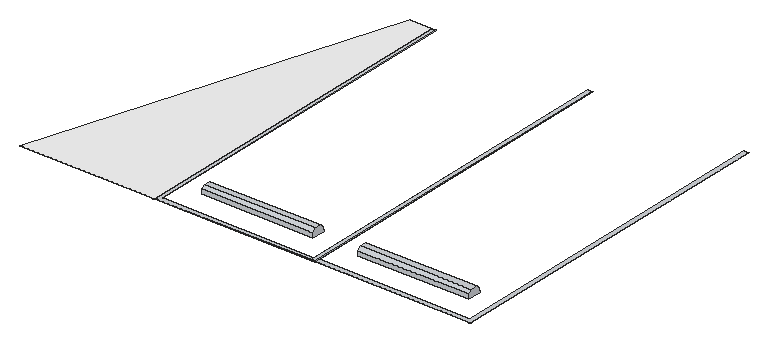
Revit family "321723 - Pavement Markings - Parking - Angled", category Parking, Revit 2020
Family settings
  Work Plane-Based = No
  Always vertical = Yes
  Cut with Voids When Loaded = No
  Shared = No
Parameters (values of type "PARKING")
  run [instance] = 19' - 0"
  Width_Host = 9' - 0"
  Single_Parking_Visiblity [instance] = Parking_Count = 1  # no
  Parking_Count [instance] = if((run / Offset) < 2, 1, (run / Offset))  # 2
  Parking_Calculation [instance] = if((run / Offset) < 2, 2, (run / Offset))  # 2
  Parking Strip Width = 0' - 3"
  Parking Divider Visibility = yes
  Parking Divider Material = none
  Offset [instance] = Width_Host / sin(Angle_Host)  # 9' - 0"
  Multiple_Parking_Visiblity [instance] = Parking_Count > 1  # yes
  Length_Host = 20' - 0"
  Divider Offset - Sides = 1' - 2"
  Divider Offset - Ends = 2' - 0"
  Angle_Host = 90.00°
  Angle of Aisle [instance] = 72.00°
  Aisle Width [instance] = 8' - 0"
  Aisle Visibility [instance] = yes
  Aisle Material = ADA AISLE
  ADA Person Visibility = no
  Half Parking Strip Width = Parking Strip Width / 2  # 0' - 1 1/2"
Types (5): name | run | Width_Host | Single_Parking_Visiblity | Parking_Count | Parking_Calculation | Parking Strip Width | Parking Divider Visibility | Offset | Multiple_Parking_Visiblity | Divider Offset - Sides | Divider Offset - Ends | Angle_Host | Angle of Aisle | Aisle Width | ADA Person Visibility | Half Parking Strip Width
  BIKE | 46' - 4.22888" | 4' - 0" | no | 12 | 12 | 0' - 4" | no | 4' - 0" | yes | 0' - 6" | 0' - 3" | 90.00° | 76.6925° | 9' - 4" | no | 0' - 2"
  ANGLED | 46' - 4.22888" | 9' - 0" | no | 4 | 4 | 0' - 4" | yes | 10' - 4.70766" | yes | 1' - 2" | 0' - 6" | 60.00° | 76.6925° | 9' - 4" | no | 0' - 2"
  PARKING | 19' - 0" | 9' - 0" | no | 2 | 2 | 0' - 3" | yes | 9' - 0" | yes | 1' - 2" | 2' - 0" | 90.00° | 72.00° | 8' - 0" | no | 0' - 1 1/2"
  ADA STALL | 46' - 4.22888" | 9' - 0" | no | 5 | 5 | 0' - 3" | yes | 9' - 0" | yes | 1' - 2" | 2' - 0" | 90.00° | 72.00° | 8' - 0" | yes | 0' - 1 1/2"
  ADA STALL - VAN | 11' - 0" | 11' - 0" | yes | 1 | 2 | 0' - 3" | yes | 11' - 0" | no | 2' - 0" | 2' - 0" | 90.00° | 72.00° | 8' - 0" | yes | 0' - 1 1/2"
Reference planes (in)
  plane 1 "Center (Front/Back)": y = 0
  plane 2: z = 0
  plane 3 "Center (Left/Right)": x = 0
  plane 4: x = 228
  plane 5: x = -93
  plane 6: x = 1.5
  plane 7: x = 3
Forms (in)
  Extrusion 1, solid, material "ADA AISLE" <- "Aisle Material", visible <- "Aisle Visibility"
    sketch origin (0, 0, 0) x (1, 0, 0) y (0, 1, 0)
      loop
        line (-93, 0) -> (0, 0) -> (0, 240) -> (-15.01927, 240) -> (-93, 0)
    from 0 to 0.125
Lines and regions (in)
  reference lines
    curve 1: line (46.89605, 0, 0) -> (108, 0, 0)
    curve 2: line (108, 0, 0) -> (108, 240, 0)
    curve 3: line (0, 0, 0) -> (0, 240, 0)
    curve 4: line (-93, 0, 0) -> (-15.01927, 240, 0)
    curve 5: line (-93, 240, 0) -> (228, 240, 0)
    curve 6: line (0, 0, 0) -> (-93, 0, 0)
Dimensions and locks (in)
  "Offset": plane 3 "Center (Left/Right)" to nested 2
  "Length_Host": curve 2 to curve 2
  "run": plane 3 "Center (Left/Right)" to plane 4
  group 1 to group 2 = 9' - 0"
  group 1 to group 2 = 0' - 0"  (x2)
  "Length_Host": curve 3 to curve 3
  "Width_Host": curve 2 to curve 3
  "Half Parking Strip Width": plane 3 "Center (Left/Right)" to plane 6
  "Aisle Width": plane 5 to plane 7
  "Parking Strip Width": plane 3 "Center (Left/Right)" to plane 7
  nested 3 to nested 3 = 6' - 5"
  "Angle_Host": angle plane 1 "Center (Front/Back)" to curve 2
  "Angle_Host": angle curve 1 to curve 2
  "Angle_Host": angle curve 1 to curve 3
  "Angle of Aisle": angle plane 1 "Center (Front/Back)" to curve 4
  aligned and locked: plane 2 to level
  aligned and locked: plane 1 "Center (Front/Back)" to Extrusion 1
  aligned and locked: curve 3 to Extrusion 1 sketch curve
  aligned and locked: plane 1 "Center (Front/Back)" to nested 2
  aligned and locked: Extrusion 1 sketch curve to curve 3
  aligned and locked: Extrusion 1 sketch curve to curve 4
  aligned and locked: curve 5 to Extrusion 1
  aligned and locked: plane 5 to curve 5
  aligned and locked: plane 4 to curve 5
  aligned and locked: curve 5 to curve 4
  aligned and locked: plane 5 to curve 6
  aligned and locked: plane 3 "Center (Left/Right)" to curve 6
  aligned and locked: curve 6 to plane 1 "Center (Front/Back)"
Automatic sketch dimensions
  plane 1 "Center (Front/Back)" to Extrusion 1 sketch curve = 0' - 0"
Nested families (in)
  nested 1: "Single Angular Parking Stripe" at (0, 0, 0), visible <- "Multiple_Parking_Visiblity", type "1st Type"
  nested 2: "Single Angular Parking Stripe" at (108, 0, 0), visible <- "Multiple_Parking_Visiblity", type "1st Type"
  nested 3: "Single Angular Parking Stripe" at (0, 0, 0), visible <- "Single_Parking_Visiblity", type "1st Type"
Definition of nested family "Single Angular Parking Stripe"
  Parameters (values of type "1st Type")
    lenght of stall = 20' - 0"
    Width of Parking Stripe = 0' - 3"
    Width of Parking = 10' - 0"
    Parking Divider Visibility = yes
    Parking Divider Material = none
    Half Width of Parking Stripe = Width of Parking Stripe / 2  # 0' - 1 1/2"
    Divider Offset - Sides = 0' - 6"
    Divider Offset - Ends = 0' - 6"
    Default Elevation = 0' - 0"
    Angle of Parking = 60.00°
    ADA Person Visibility = yes
  Reference planes (in)
    plane 1 "Center (Front/Back)": y = 0
    plane 2: z = 0
    plane 3 "Center (Left/Right)": x = 0
    plane 4: y = 3
    plane 5: x = 47.76102
    plane 6: y = 23
  Forms (in)
    Extrusion 1, solid
      sketch origin (186, 0, 0) x (1, 0, 0) y (0, 1, 0)
        loop
          line (-66, 207.8461) -> (-186, 0) -> (-43.97183, 0) -> (76.02817, 207.8461) -> (73.43009, 209.3461) -> (-45.70388, 3) -> (-180.80385, 3) -> (-63.40192, 206.3461) -> (-66, 207.8461)
      from 0 to 0.125
    Sweep 2, solid, material <- "Parking Divider Material", visible <- "Parking Divider Visibility"
      path origin (181.87072, -46.43604, 0.125) x (1, 0, 0) y (0, 1, 0)
        loop
          line (-135.56945, 108.63219) -> (-44.63679, 56.13219)
      profile origin (91.7676, 35.94615, 0.125) x (0.5, 0.866025, 0) y (0, 0, 1)
        loop
          line (4.5, 0) -> (4.25, 3) -> (2.25, 5) -> (-2.25, 5) -> (-4.25, 3) -> (-4.5, 0) -> (4.5, 0)
  Lines and regions (in)
    reference lines
      curve 1: line (0, 0, 0) -> (120, 207.8461, 0)
      curve 2: line (3.4641, 0, 0) -> (122.59808, 206.3461, 0)
      curve 3: line (142.02817, 0, 0) -> (262.02817, 207.8461, 0)
      curve 4: line (138.56406, 0, 0) -> (259.43009, 209.3461, 0)
      curve 5: line (120, 207.8461, 0) -> (122.59808, 206.3461, 0)
      curve 6: line (259.43009, 209.3461, 0) -> (262.02817, 207.8461, 0)
      curve 7: line (0, 0, 0) -> (142.02817, 0, 0)
      curve 29: line (145.02817, 5.19615, 0.125) -> (38.50704, 66.69615, 0.125)
      curve 30: line (10.3923, 0, 0) -> (130.3923, 207.8461, 0)
      curve 31: line (131.63586, 0, 0) -> (251.63586, 207.8461, 0)
    model lines, not visible
      curve 8: arc (42.22609, 113.91421, 0.47848) -> (46.99466, 116.26119, 0.47848) -> (44.79484, 111.42297, 0.47848) r 2.82214
      curve 9: arc (55.62195, 85.90388, 0.47848) -> (38.29942, 84.52754, 0.47848) -> (40.50207, 101.76449, 0.47848) r 11.19395
      curve 10: arc (54.60605, 88.40356, 0.47848) -> (40.83303, 85.10242, 0.47848) -> (40.66288, 99.2645, 0.47848) r 9.06187
      curve 11: line (44.79484, 111.42297, 0.47848) -> (45.08523, 103.16126, 0.47848)
      curve 12: line (45.08523, 103.16126, 0.47848) -> (50.50315, 103.16126, 0.47848)
      curve 13: line (50.50315, 103.16126, 0.47848) -> (50.50315, 100.67384, 0.47848)
      curve 14: line (40.66288, 99.2645, 0.47848) -> (40.50207, 101.76449, 0.47848)
      curve 15: line (50.50315, 100.67384, 0.47848) -> (45.18187, 100.67384, 0.47848)
      curve 16: line (45.18187, 100.67384, 0.47848) -> (45.31396, 98.06079, 0.47848)
      curve 17: line (45.31396, 98.06079, 0.47848) -> (54.96654, 98.06079, 0.47848)
      curve 18: line (54.96654, 98.06079, 0.47848) -> (59.79227, 86.28295, 0.47848)
      curve 19: line (59.79227, 86.28295, 0.47848) -> (62.36945, 87.34122, 0.47848)
      curve 20: line (62.36945, 87.34122, 0.47848) -> (63.31431, 85.04024, 0.47848)
      curve 21: line (63.31431, 85.04024, 0.47848) -> (58.43437, 83.03638, 0.47848)
      curve 22: line (58.43437, 83.03638, 0.47848) -> (53.29759, 95.57337, 0.47848)
      curve 23: line (53.29759, 95.57337, 0.47848) -> (42.9213, 95.57337, 0.47848)
      curve 24: line (42.9213, 95.57337, 0.47848) -> (42.19757, 114.20215, 0.47848)
      curve 25: line (55.62195, 85.90388, 0.47848) -> (54.60605, 88.40356, 0.47848)
    model lines
      curve 26: line (121.29904, 207.0961, 0.125) -> (2.59808, 1.5, 0.125)
      curve 27: line (2.59808, 1.5, 0.125) -> (141.16214, 1.5, 0.125)
      curve 28: line (141.16214, 1.5, 0.125) -> (260.72913, 208.5961, 0.125)
  Dimensions and locks (in)
    "Width of Parking Stripe": plane 4 to plane 1 "Center (Front/Back)"
    Extrusion 1 to Extrusion 1 = 10' - 0"
    "Width of Parking Stripe": curve 2 to curve 1
    "Width of Parking": curve 4 to curve 1
    "lenght of stall": curve 7 to curve 5
    "lenght of stall": curve 7 to curve 6
    "Width of Parking Stripe": curve 3 to curve 4
    locked: nested 1 to curve 5 at 48
    equal spacing: Extrusion 1, curve 26, Extrusion 1
    equal spacing: Extrusion 1, curve 27, Extrusion 1
    equal spacing: Extrusion 1, curve 28, Extrusion 1
    plane 1 "Center (Front/Back)" to plane 6 = 1' - 11"
    "Divider Offset - Ends": curve 29 to curve 7
    curve 3 to Sweep 2 = 0' - 9"
    "Divider Offset - Sides": curve 30 to curve 2
    "lenght of stall": curve 30 to curve 30
    "lenght of stall": curve 31 to curve 31
    "Divider Offset - Sides": curve 4 to curve 31
    equal spacing: curve 4, nested 1, curve 2
    "Angle of Parking": angle plane 1 "Center (Front/Back)" to curve 1
    "Angle of Parking": angle plane 4 to curve 2
    "Angle of Parking": angle curve 7 to nested 1
    "Angle of Parking": angle plane 1 "Center (Front/Back)" to curve 3
    "Angle of Parking": angle plane 4 to curve 4
    locked: curve 1 to curve 5 (angle 90.00°)
    locked: curve 4 to curve 6 (angle 90.00°)
    locked: curve 29 to curve 2 (angle 90.00°)
    angle curve 29 to curve 7 = 30.00°
    "Angle of Parking": angle plane 1 "Center (Front/Back)" to curve 30
    "Angle of Parking": angle curve 7 to curve 31
    aligned and locked: plane 2 to level
    aligned and locked: plane 1 "Center (Front/Back)" to curve 7
    aligned and locked: plane 3 "Center (Left/Right)" to curve 1
    aligned and locked: Extrusion 1 sketch curve to curve 1
    aligned and locked: curve 2 to Extrusion 1 sketch curve
    aligned and locked: plane 4 to Extrusion 1 sketch curve
    aligned and locked: plane 1 "Center (Front/Back)" to Extrusion 1 sketch curve
    aligned and locked: Extrusion 1 sketch curve to curve 4
    aligned and locked: Extrusion 1 sketch curve to curve 3
    aligned and locked: Extrusion 1 sketch curve to curve 5
    aligned and locked: Extrusion 1 sketch curve to curve 6
    aligned and locked: Extrusion 1 to curve 26
    aligned and locked: Extrusion 1 to curve 28
    aligned and locked: curve 3 to curve 29
    aligned and locked: curve 1 to curve 29
    aligned and locked: Sweep 2 sketch curve to curve 29
    aligned and locked: curve 30 to Sweep 2 sketch curve
    aligned and locked: curve 31 to Sweep 2 sketch curve
  Automatic sketch dimensions
    Sweep 2 sketch curve to profile plane = 0' - 0"
    profile plane to Sweep 2 sketch curve = 0' - 4 1/2"
    Sweep 2 sketch curve to Sweep 2 sketch curve = 0' - 0 1/4"  (x2)
    profile plane to Sweep 2 sketch curve = 0' - 2 1/4"
    Sweep 2 sketch curve to profile plane = 0' - 2 1/4"
    Sweep 2 sketch curve to Sweep 2 sketch curve = 0' - 2"  (x2)
    profile plane to Sweep 2 sketch curve = 0' - 3"  (x2)
  Nested families (in)
    nested 1: "ADA Person" at (149.26056, 135.52688, 0.125) x (0.866, -0.5, 0) z (0, 0, 1), visible <- "ADA Person Visibility", type "ADA Person"
  Definition of nested family "ADA Person"
    Parameters
      Default Elevation = 0' - 0"
    Reference planes (in)
      plane 1 "Center (Front/Back)": y = 0
      plane 2: z = 0
      plane 3 "Center (Left/Right)": x = 0
    Lines and regions (in)
      model lines
        curve 1: arc (-4.75511, 17.41566, 0) -> (0.01346, 19.76264, 0) -> (-2.18636, 14.92442, 0) r 2.82214
        curve 2: arc (8.64075, -10.59468, 0) -> (-8.68178, -11.97102, 0) -> (-6.47912, 5.26594, 0) r 11.19395
        curve 3: arc (7.62485, -8.09499, 0) -> (-6.14816, -11.39613, 0) -> (-6.31831, 2.76595, 0) r 9.06187
        curve 4: line (-2.18636, 14.92442, 0) -> (-1.89597, 6.66271, 0)
        curve 5: line (-1.89597, 6.66271, 0) -> (3.52195, 6.66271, 0)
        curve 6: line (3.52195, 6.66271, 0) -> (3.52195, 4.17529, 0)
        curve 7: line (-6.31831, 2.76595, 0) -> (-6.47912, 5.26594, 0)
        curve 8: line (3.52195, 4.17529, 0) -> (-1.79933, 4.17529, 0)
        curve 9: line (-1.79933, 4.17529, 0) -> (-1.66724, 1.56224, 0)
        curve 10: line (-1.66724, 1.56224, 0) -> (7.98534, 1.56224, 0)
        curve 11: line (7.98534, 1.56224, 0) -> (12.81107, -10.2156, 0)
        curve 12: line (12.81107, -10.2156, 0) -> (15.38825, -9.15733, 0)
        curve 13: line (15.38825, -9.15733, 0) -> (16.33311, -11.45831, 0)
        curve 14: line (16.33311, -11.45831, 0) -> (11.45317, -13.46217, 0)
        curve 15: line (11.45317, -13.46217, 0) -> (6.31639, -0.92518, 0)
        curve 16: line (6.31639, -0.92518, 0) -> (-4.0599, -0.92518, 0)
        curve 17: line (-4.0599, -0.92518, 0) -> (-4.78363, 17.70359, 0)
        curve 18: line (8.64075, -10.59468, 0) -> (7.62485, -8.09499, 0)
    Dimensions and locks (in)
      aligned and locked: plane 2 to level
